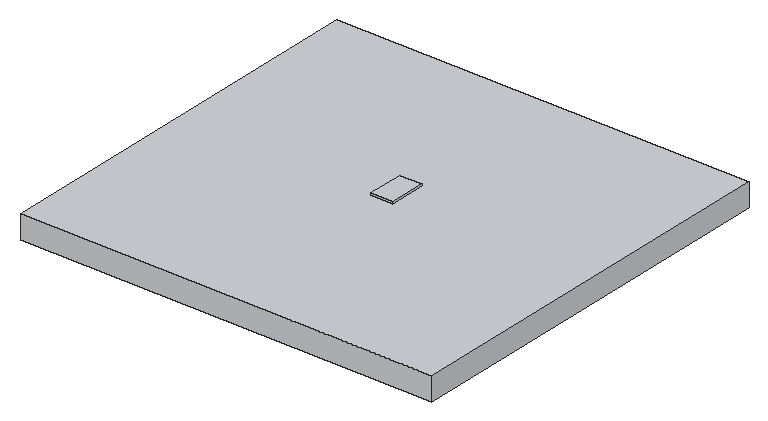
Revit family "bf110ba61b79469baac93327e644a2aa", category Lighting Devices, host Face, Revit 2021
Family settings
  Host = Face
  Maintain Annotation Orientation = Yes
  Round Connector Dimension = Use Diameter
  Part Type = Switch
  OmniClass Number = 23.80.50.11.14
  OmniClass Title = Switches
  Seek Item ID = Emergency Switch-0000-USA-ENU
  Cut with Voids When Loaded = No
  Shared = No
  Room Calculation Point = No
Parameters (values of type "Standard")
  Switch Voltage = 120 V
  Switch Number of Poles = 1
  Load Classification = Other
  Label = "E"
  Default Elevation = 4' - 0"
  Assembly Code = ""
  Apparent Load = 0 VA
Reference planes (in)
  plane 1 "Center (Front/Back)": y = 0
  plane 2: z = 0
  plane 3 "Center (Left/Right)": x = 0
  plane 4: x = -1.375
  plane 5: x = 1.375
  plane 6: x = -0.75
  plane 7: x = 0.75
  plane 8: y = 2.25
  plane 9: y = -2.25
  plane 10: y = 1.5
  plane 11: y = -1.5
  plane 12 "level above": z = 0.1875
  plane 13 "level below": z = -2.125
Forms (in)
  Extrusion 1, solid
    sketch origin (0, 0, 0) x (1, 0, 0) y (0, 1, 0)
      loop
        line (-25.375, 22.5) -> (-25.375, -26.25) -> (25.375, -26.25) -> (25.375, 22.5) -> (-25.375, 22.5)
    from 0 to -2.86111
  Extrusion 2, solid
    sketch origin (0, 0, 0) x (1, 0, 0) y (0, 1, 0)
      loop
        line (-1.375, 2.25) -> (-1.375, -2.25) -> (1.375, -2.25) -> (1.375, 2.25) -> (-1.375, 2.25)
    from 0 to 0.1875
  Extrusion 3, solid
    sketch origin (0, 0, 0) x (1, 0, 0) y (0, 1, 0)
      loop
        line (-0.75, 1.5) -> (-0.75, -1.5) -> (0.75, -1.5) -> (0.75, 1.5) -> (-0.75, 1.5)
    from 0 to -2.125
Lines and regions (in)
  symbolic lines, detail levels fine
    curve 1: line (-1.375, 0, 0.1875) -> (1.375, 0, 0.1875)
    curve 2: line (-1.375, 0, 0) -> (-1.375, 0, 0.1875)
    curve 3: line (1.375, 0, 0) -> (-1.375, 0, 0)
    curve 4: line (1.375, 0, 0.1875) -> (1.375, 0, 0)
    curve 5: line (-0.75, 0, -2.125) -> (0.75, 0, -2.125)
    curve 6: line (-0.75, 0, 0) -> (-0.75, 0, -2.125)
    curve 7: line (0.75, 0, -2.125) -> (0.75, 0, 0)
Dimensions and locks (in)
  equal spacing: plane 6, plane 3 "Center (Left/Right)", plane 7, locked at 0.75 each
  locked: plane 6 to plane 7 at 1.5
  equal spacing: plane 4, plane 3 "Center (Left/Right)", plane 5, locked at 1.375 each
  locked: plane 4 to plane 5 at 2.75
  locked: plane 8 to plane 9 at 4.5
  locked: plane 12 "level above" to level at 0.1875
  locked: level to plane 13 "level below" at 2.125
  locked: plane 10 to plane 11 at 3
  equal spacing: plane 10, plane 1 "Center (Front/Back)", plane 11, locked at 1.5 each
  equal spacing: plane 8, plane 1 "Center (Front/Back)", plane 9, locked at 2.25 each
  aligned and locked: plane 2 to Extrusion 1
  aligned and locked: level to Extrusion 1
  aligned and locked: plane 8 to Extrusion 2
  aligned and locked: Extrusion 2 to plane 9
  aligned and locked: plane 5 to Extrusion 2
  aligned and locked: Extrusion 2 to plane 4
  aligned and locked: Extrusion 2 to level
  aligned and locked: plane 12 "level above" to Extrusion 2
  aligned and locked: plane 10 to Extrusion 3
  aligned and locked: Extrusion 3 to plane 6
  aligned and locked: plane 7 to Extrusion 3
  aligned and locked: Extrusion 3 to plane 11
  aligned and locked: Extrusion 3 to level
  aligned and locked: Extrusion 3 to plane 13 "level below"
  aligned and locked: curve 1 to plane 12 "level above"
  aligned and locked: plane 2 to curve 3
  aligned and locked: curve 5 to plane 13 "level below"
  aligned and locked: plane 1 "Center (Front/Back)" to nested 1
  aligned and locked: plane 3 "Center (Left/Right)" to nested 1
Automatic sketch dimensions
  Extrusion 2 sketch curve to plane 4 = 0' - 0"
  Extrusion 2 sketch curve to plane 5 = 0' - 0"
  Extrusion 2 sketch curve to plane 9 = 0' - 0"
  Extrusion 2 sketch curve to plane 8 = 0' - 0"
  Extrusion 3 sketch curve to plane 6 = 0' - 0"
  Extrusion 3 sketch curve to plane 7 = 0' - 0"
  Extrusion 3 sketch curve to plane 11 = 0' - 0"
  Extrusion 3 sketch curve to plane 10 = 0' - 0"
  Extrusion 1 sketch curve to Extrusion 1 sketch curve = 4' - 2 3/4"
  Extrusion 1 sketch curve to Extrusion 1 sketch curve = 4' - 0 3/4"
  curve 2 to plane 4 = 0' - 0"
  curve 3 to plane 5 = 0' - 0"
  plane 4 to curve 7 = 0' - 2 1/8"
  curve 5 to curve 5 = 0' - 1 1/2"
Nested families (in)
  nested 1: "Switch Annotation 2" at (0, 0, 0), type "Switch Annotation 2", detail levels coarse+medium
Connectors (in)
  electrical at (0, 1.5, -1.0625), driven by "Switch Voltage", driven by "Apparent Load", driven by "Switch Number of Poles", driven by "Load Classification"
    settings: on Extrusion 3, index 1, voltage 120 V, apparent load 0 VA, apparent load phase1 0 VA, apparent load phase2 0 VA, apparent load phase3 0 VA, power factor 1, load classification "Other", number of poles 1, system type 31, power factor state 1, is connector primary yes, connector utility no, sub classification motor no, connector description ""
Definition of nested family "Switch Annotation 2"
  Parameters
    Label = "WP"
  Reference planes (in)
    plane 1: y = 0
    plane 2: x = 0
  Lines and regions (in)
    reference lines
      curve 1: line (0, 0.0625, 0) -> (-0.11983, 0.0625, 0)
      curve 4: line (0.10095, -0.04722, 0) -> (0.10095, 0.09386, 0)
      curve 5: line (0.10095, -0.04722, 0) -> (0.28349, -0.04722, 0)
      curve 6: line (0.10095, 0.04579, 0) -> (0.31014, 0.04579, 0)
    detail lines
      curve 2: arc (0.01506, 0.11153, 0) -> (-0.02442, 0.09683, 0) -> (0, 0.0625, 0) r 0.02655
      curve 3: arc (0, 0.0625, 0) -> (0.01543, 0.02147, 0) -> (-0.02827, 0.02483, 0) r 0.02599
  Text (in)
    label "M" at (0.02349, -0.00499, 0), shows "Label"
  Dimensions and locks (in)
    locked: curve 5 to curve 6 at 0.09301
    locked: plane 1 to curve 1 at 0.0625
    aligned and locked: curve 2 to curve 1
    aligned and locked: curve 3 to curve 1
